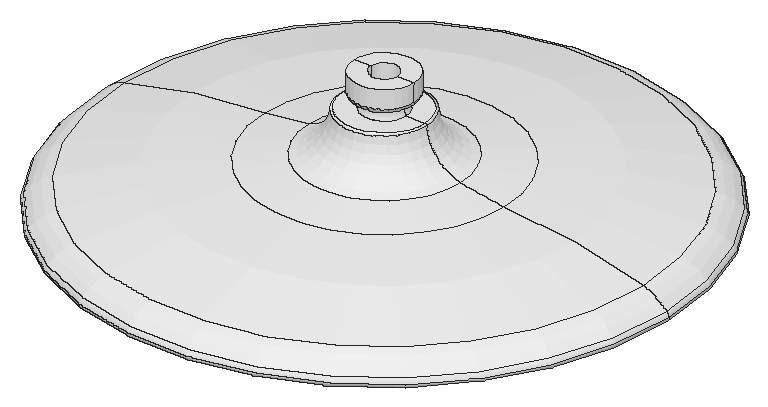
Revit family "xxShower_Head-GROHE-Euphoria_260-26456_Series", category Plumbing Fixtures, Revit 2014
Parameters (values of type "26456000")
  cUPC Compliant = yes
  Width = 10 1/4"  # constant formula
  Waste Connection = no
  Warranty Documentation Link = "https://cdn.cloud.grohe.com/tpi/1000/1900/1940/1949/1949006/original/1949006.pdf"
  WFU = 4
  Vent Connection = no
  URL = "https://www.grohe.us/en_us/"
  Tempered Water Connection Radius = 1/4"  # constant formula
  Tempered Water Connection Diameter = Tempered Water Connection Radius * 2  # 1/2"
  Product Page URL = "https://www.grohe.us/en_us/euphoria-260-shower-head-3-sprays-26456000.html"
  Price = "Prices may vary. Please consult Manufacturer Representative for most up-to-date price list."  # constant formula
  Model = "26456000"
  Material = "Metal-Grohe-000-Chrome"
  Manufacturer = "GROHE"
  Hot Water Connection Radius = Tempered Water Connection Radius  # 1/4"
  Hot Water Connection Diameter = Hot Water Connection Radius * 2  # 1/2"
  Height = 3 3/8"  # constant formula
  HWFU = 3
  HW Connection = yes
  Flow Rate = "1.8 gpm (3.8 L/min)"  # constant formula
  Finish = Metal-Grohe-000-Chrome
  Description = "Euphoria 260 Shower Head - 3 Sprays"  # constant formula
  Default Elevation = 0"
  Creation Date = "2017/04/21"  # constant formula
  Cold Water Connection Radius = Hot Water Connection Radius  # 1/4"
  Cold Water Connection Diameter = Cold Water Connection Radius * 2  # 1/2"
  CalGreen Compliant = yes
  CWFU = 3
  CW Connection = yes
  CEC Compliant = yes
  Assembly Code = "D2010710"
Types (3): name | Product Page URL | Model | Material | Finish
  (no name) | "https://www.grohe.us/en_us/euphoria-260-shower-head-3-sprays-26456000.html" | "26456000" | "Metal-Grohe-000-Chrome" | Metal-Grohe-000-Chrome
  26456000 | "https://www.grohe.us/en_us/euphoria-260-shower-head-3-sprays-26456000.html" | "26456000" | "Metal-Grohe-000-Chrome" | Metal-Grohe-000-Chrome
  26456EN0 | "https://www.grohe.us/en_us/euphoria-260-shower-head-3-sprays-26456EN0.html" | "26456EN0" | "Metal-Grohe-EN0-Brushed Nickel" | Metal-Grohe-EN0-Brushed Nickel
Reference planes (in)
  plane 1 "Center (Front/Back)": y = 0
  plane 2: z = 0
  plane 3 "Center (Left/Right)": x = 0
  plane 4: x = -5.12598
  plane 5: x = 5.12402
  plane 6: z = -3.375
Forms (in)
  Revolve 1, solid, material "Metal-Grohe-000-Chrome" <- "Finish"
    sketch origin (0, 0, 0) x (1, 0, 0) y (0, 0, 1)
      loop
        line (0, -3.37402) -> (0, -0.4311) -> (-0.25, -0.4311) -> (-0.25, 0) -> (-0.56218, 0) -> (-0.56218, -0.32969)
        arc (-0.56218, -0.32969) -> (-0.55026, -0.36634) -> (-0.51908, -0.38898) r 0.06232
        line (-0.51908, -0.38898) -> (-0.38154, -0.43358)
        arc (-0.38154, -0.43358) -> (-0.37644, -0.52602) -> (-0.3993, -0.61574) r 0.30516
        line (-0.3993, -0.61574) -> (-0.76619, -0.61574)
        arc (-0.76619, -0.61574) -> (-0.78802, -0.62435) -> (-0.79811, -0.64554) r 0.032
        arc (-0.79811, -0.64554) -> (-0.99088, -1.11814) -> (-1.42693, -1.38341) r 0.815
        arc (-1.42693, -1.38341) -> (-1.83983, -1.4583) -> (-2.25805, -1.49275) r 4.31745
        arc (-2.25805, -1.49275) -> (-3.58041, -1.61902) -> (-4.87723, -1.90686) r 10.78686
        arc (-4.87723, -1.90686) -> (-5.1149, -2.01538) -> (-5.31047, -2.18863) r 0.88411
        arc (-5.31047, -2.18863) -> (-5.33772, -2.23045) -> (-5.35426, -2.27755) r 0.20849
        arc (-5.35426, -2.27755) -> (-5.35115, -2.31327) -> (-5.32819, -2.34081) r 0.05985
        arc (-5.32819, -2.34081) -> (-5.29312, -2.36107) -> (-5.25626, -2.37787) r 0.42259
        arc (-5.25626, -2.37787) -> (-5.21077, -2.39538) -> (-5.16486, -2.41176) r 1.96218
        arc (-5.16486, -2.41176) -> (-5.13032, -2.42071) -> (-5.09482, -2.42429) r 0.23337
        arc (-5.09482, -2.42429) -> (-2.9898, -2.67736) -> (-0.87306, -2.79828) r 33.88254
        arc (-0.87306, -2.79828) -> (-0.68084, -2.8806) -> (-0.59777, -3.07249) r 0.2827
        arc (-0.59777, -3.07249) -> (-0.59158, -3.09192) -> (-0.57605, -3.10513) r 0.03705
        line (-0.57605, -3.10513) -> (-0.57605, -3.28565)
        arc (-0.57605, -3.28565) -> (-0.56889, -3.30583) -> (-0.55061, -3.31697) r 0.032
        arc (-0.55061, -3.31697) -> (-0.27678, -3.35972) -> (0, -3.37402) r 2.68589
      axis (0, -3.37402) -> (0, 0)
    angle from 0 to 360
Lines and regions (in)
  Masking region 1
    outline origin (0, 0, 0) x (1, 0, 0) y (0, 1, 0)
      loop
        circle (0, 0) r 5.37709
  model lines, style "Default"
    curve 1: line (0, -8.39698, 41.71415) -> (0, -8.39698, 41.7352)
  symbolic lines, detail levels medium+fine
    curve 2: circle (0, 0, 0) r 0.25 normal (0, 0, 1)
    curve 3: circle (0, 0, 0) r 0.7963 normal (0, 0, 1)
  symbolic lines, detail levels fine
    curve 4: circle (0, 0, 0) r 0.56218 normal (0, 0, 1)
Dimensions and locks (in)
  "Width": plane 5 to plane 4
  "Height": level to plane 6
  aligned and locked: level to Revolve 1 sketch curve
Automatic sketch dimensions
  curve 2 to curve 3 = 0"  (x2)
  curve 2 to curve 4 = 0"  (x2)
  curve 3 to curve 4 = 0"  (x2)
  plane 1 "Center (Front/Back)" to curve 3 = 0"
  curve 3 to plane 3 "Center (Left/Right)" = 0"
  plane 1 "Center (Front/Back)" to curve 1 = 8.39698"
  level to curve 1 = 41.71415"
  curve 1 to curve 1 = 0.02105"
  plane 1 "Center (Front/Back)" to Masking region 1 sketch curve = 0"
  Masking region 1 sketch curve to plane 3 "Center (Left/Right)" = 0"
  Revolve 1 sketch curve to plane 3 "Center (Left/Right)" = 0"  (x3)
  Revolve 1 sketch curve to Revolve 1 sketch curve = 1/4"
  Revolve 1 sketch curve to Revolve 1 sketch curve = 0.13154"
  Revolve 1 sketch curve to Revolve 1 sketch curve = 0.01777"
  Revolve 1 sketch curve to Revolve 1 sketch curve = 0.11832"
  Revolve 1 sketch curve to Revolve 1 sketch curve = 0.01922"
  plane 6 to Revolve 1 sketch curve = 0.08935"
  Revolve 1 sketch curve to plane 3 "Center (Left/Right)" = 0.54405"
  Revolve 1 sketch curve to Revolve 1 sketch curve = 0.01669"
  Revolve 1 sketch curve to Revolve 1 sketch curve = 0.31218"
  Revolve 1 sketch curve to Revolve 1 sketch curve = 0.01531"
  Revolve 1 sketch curve to Revolve 1 sketch curve = 0.16108"
  Revolve 1 sketch curve to Revolve 1 sketch curve = 0.08602"
  Revolve 1 sketch curve to Revolve 1 sketch curve = 0.3043"
  Revolve 1 sketch curve to Revolve 1 sketch curve = 0.845"
  Revolve 1 sketch curve to plane 3 "Center (Left/Right)" = 1.89587"
  Revolve 1 sketch curve to plane 3 "Center (Left/Right)" = 2.40301"
  plane 4 to Revolve 1 sketch curve = 0.59727"
  plane 4 to Revolve 1 sketch curve = 0.49311"
  plane 4 to Revolve 1 sketch curve = 0.03679"
  plane 4 to Revolve 1 sketch curve = 0.02641"
  Revolve 1 sketch curve to plane 4 = 0.02469"
  Revolve 1 sketch curve to Revolve 1 sketch curve = 0.14513"
  plane 6 to Revolve 1 sketch curve = 0.00098"
  Revolve 1 sketch curve to plane 6 = 8.89853"
  Revolve 1 sketch curve to Revolve 1 sketch curve = 0.18053"
  plane 6 to Revolve 1 sketch curve = 0.29411"
  Revolve 1 sketch curve to Revolve 1 sketch curve = 0.03373"
  Revolve 1 sketch curve to Revolve 1 sketch curve = 0.43398"
  Revolve 1 sketch curve to Revolve 1 sketch curve = 0.03208"
  Revolve 1 sketch curve to Revolve 1 sketch curve = 0.13157"
  Revolve 1 sketch curve to Revolve 1 sketch curve = 0.20558"
  Revolve 1 sketch curve to level = 0.68812"
  Revolve 1 sketch curve to level = 0.64774"
  Revolve 1 sketch curve to Revolve 1 sketch curve = 0.032"
  Revolve 1 sketch curve to level = 0.5895"
  Revolve 1 sketch curve to level = 0.55556"
  Revolve 1 sketch curve to Revolve 1 sketch curve = 0.11934"
  Revolve 1 sketch curve to Revolve 1 sketch curve = 0.00248"
  Revolve 1 sketch curve to Revolve 1 sketch curve = 0.0446"
  level to Revolve 1 sketch curve = 2.82226"
  Revolve 1 sketch curve to Revolve 1 sketch curve = 0"  (x10)
  plane 4 to Revolve 1 sketch curve = 0.03116"
  Revolve 1 sketch curve to plane 4 = 0.03888"
  Revolve 1 sketch curve to Revolve 1 sketch curve = 0.03955"
  level to Revolve 1 sketch curve = 3/4"
  Revolve 1 sketch curve to Revolve 1 sketch curve = 1/2"
  radius of curve 2 = 1/4"
  radius of curve 3 = 0.7963"
  radius of curve 4 = 0.56218"
  radius of Masking region 1 sketch curve = 5.37709"
Connectors (in)
  piping at (0, 0, 0), diameter 0.5, driven by "Tempered Water Connection Diameter"
    settings: on Revolve 1, index 1, connector inside diameter 24", connector length 0", flow factor 0, pipe flow 1.8 GPM, pressure drop 0.00 psi, fitting loss kfactor 0, connector angle 0.00°, fixture units 0, engagement length 0", angle of deflection 0.00°, flow configuration 0, flow direction 1, fitting loss method 0, system type 29, joint type 0, gender type 0, connector reference index -1, connector utility 0, adjustable connector no, is connector primary yes, connector description "1/2\" NPT Supply Inlet"
